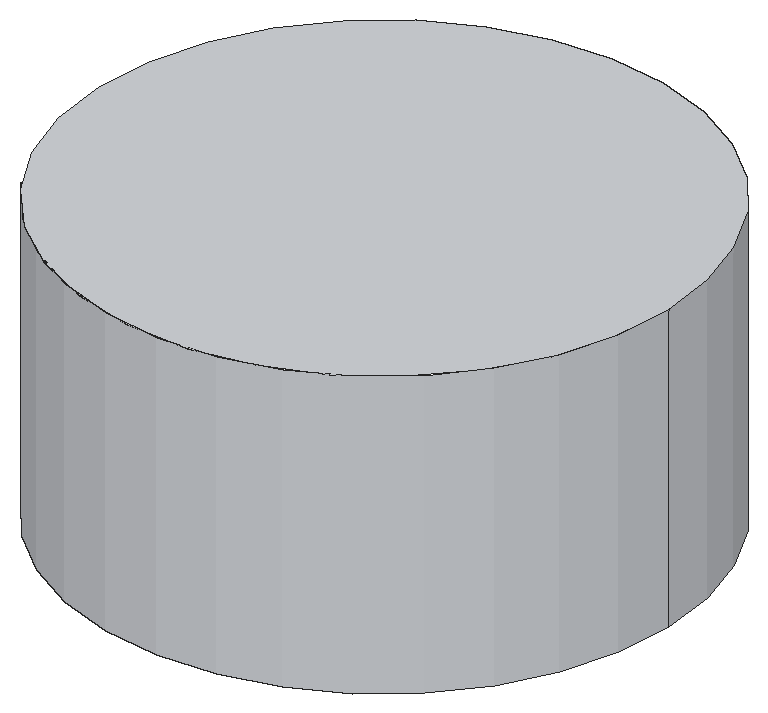
Revit family "ASF-24-C6", category Mechanical Equipment, Revit 2023
Family settings
  Round Connector Dimension = Use Diameter
  Classification = None
  Part Type = Normal
  OmniClass Number = 23.75.00.00
  OmniClass Title = Climate Control (HVAC)
  Work Plane-Based = No
  Always vertical = Yes
  Cut with Voids When Loaded = No
  Maintain Annotation Orientation = No
  Shared = No
  Room Calculation Point = No
Parameters (values of type "Standard")
  Volume = 0.179891 CF
  Title = "Aura Solar Fan - 24\" Diameter, 6\" Collar Height"
  Subject = "ASF-24-C6"
  Requested Accuracy = "Low"
  Part Number = "ASF-24-C6"
  Mass = 21.5737 lbm
  Designer = "CAD Machine"
  Design State = 1
  Density = 119.927 lb/ft³
  Default Elevation = 0' - 0"
  Creation Date = "12/12/2022"
  Connector_1_Diameter = 1' - 11 3/4"
  Company = "Active Ventilation Products"
  Center of Gravity = "X: -0.033 in Y: -6.094 in Z: 0.021 in"
  Author = "Kyle"
  Area = 103.863 SF
Reference planes (in)
  plane 1 "Center (Front/Back)": y = 0
  plane 2: z = 0
  plane 3 "Center (Left/Right)": x = 0
Forms (in)
  Extrusion 1, solid
    sketch origin (0, 0, -17.36935) x (1, 0, 0) y (0, 1, 0)
      loop
        circle (0, 0) r 0.12
    from 0 to -0.12
Dimensions and locks (in)
  aligned and locked: plane 2 to level
Connectors (in)
  hvac at (0, 0, -17.36935), driven by "Connector_1_Diameter"
    settings: on Extrusion 1, index 1, duct flow 0 CFM, flow factor 0, pres drop 0.00 in-wg, loss coef 0, conn angle 0.00°, conn width 12", conn height 12", conn diameter 23 3/4", duct sys type 3, conn prof type 0, flow config 1, flow direction 1, loss method 0, conn ref index -1, conn util no, is conn primary yes, conn desc ""
